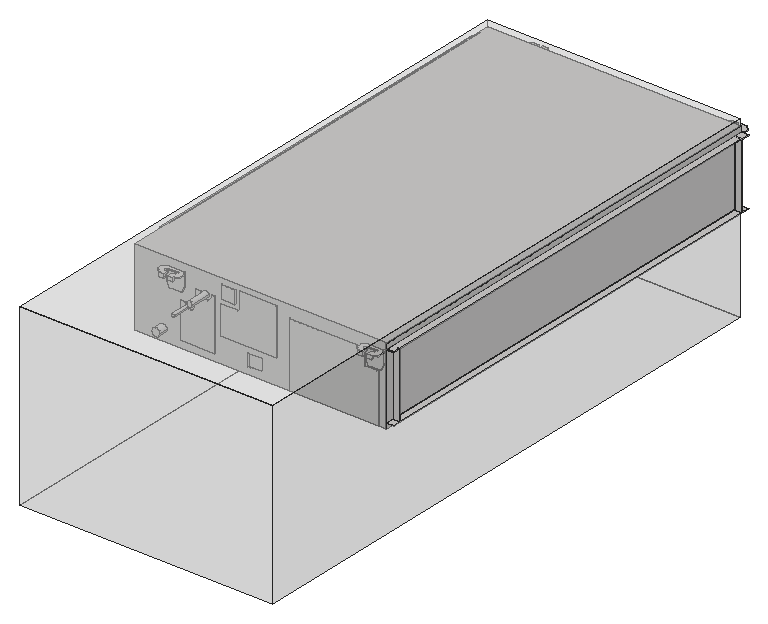
Revit family "outputfile", category 機械設備, Revit 2024
Family settings
  丸型コネクタ寸法 = 半径を使用
  パーツ タイプ = 標準
  OmniClass 番号 = 23.75.10.24.21.27.27
  OmniClass タイトル = Split System Air Conditioning Units
  作業面ベース = いいえ
  常に垂直 = はい
  ロード時にボイドで切り取り = いいえ
  注釈の向きを維持 = いいえ
  共有 = いいえ
  部屋計算ポイント = はい
Parameters (values of type "FBFC125DVM9")
  Description = ""
  製造元 = "Daikin"
  書き出し IFC クラス(タイプ) = "IfcUnitaryEquipmentType"
  定義済み IFC タイプ(タイプ) = "AIRCONDITIONINGUNIT"
  Cost = 0
  モデル = "FBFC125DVM9"
  Type Comments = ""
  Keynote = ""
  Type Image = (empty or 0)
  Assembly Code = ""
  switch_frequency = yes
  r_Liquid Pipe Size = Liquid Pipe Size / 2  # 4.75 mm
  r_Gas Pipe Size = Gas Pipe Size / 2  # 7.95 mm
  r_Drain Pipe Size = Drain Pipe Size / 2  # 12.5 mm
  lw_power = 770.0 mm  # constant formula
  lh_SA = 138.0 mm  # constant formula
  lw_SA = if(Depth = 550.0 mm, 225.0 mm, if(Depth = 700.0 mm, 300.0 mm, if(Depth = 1000.0 mm, 450.0 mm, if(Depth = 1400.0 mm, 650.0 mm, 725.0 mm))))  # 650.0 mm
  lw_RA = if(Depth = 550.0 mm, 275.0 mm, if(Depth = 700.0 mm, 349.0 mm, if(Depth = 1000.0 mm, 499.0 mm, if(Depth = 1400.0 mm, 699.0 mm, 775.0 mm))))  # 699.0 mm
  lh_power = 60.0 mm + [h***]  # 60.0 mm
  lh_mountinghole1 = lh_mountinghole + [h***]  # 222.0 mm
  lh_RA = 123.0 mm  # constant formula
  ld_power = Depth / 2  # 700.0 mm
  connector_voltage = Voltage_50Hz  # 230 V
  connector_powerinput = [Power Input (Cooling)]  # 0.000 kW
  connector_phase = Phase_50Hz  # 1
  Voltage_comment_50Hz = "220 - 240"
  Voltage_50Hz = 230 V
  URL = ""
  Supply Air Direction [instance] = yes
  Sound Power Level_H speed (dB) = 0
  Phase_50Hz = 1
  Minimum External Static Pressure = 50.00 Pa
  Minimum Circuit Amps_50Hz = 0.0 A
  Maximum Fuse Amps_50Hz = 0.0 A
  Maximum External Static Pressure = 150.00 Pa
  Material_Casing = DAIKIN_GalvanizedSteel_Casing_indoorunit
  lw_mountinghole = 630.0 mm  # constant formula
  lh_gaspipe = 183.0 mm + [h***]  # 183.0 mm
  lh_mountinghole = 222.0 mm  # constant formula
  lh_liquidpipe = 136.0 mm + [h***]  # 136.0 mm
  lh_drainpipe = 38.0 mm + [h***]  # 38.0 mm
  lh_antena = Height - lh_mountinghole + 1.0 mm  # 24.0 mm
  ld_drainpipe = Depth / 2 + 26.0 mm  # 726.0 mm
  ld_liquidpipe = Depth / 2 + 69.0 mm  # 769.0 mm
  ld_gaspipe = Depth / 2 + 65.0 mm  # 765.0 mm
  ld_mountinghole = Depth + 38.0 mm  # 1438.0 mm
  h*** = 0.0 mm  # constant formula
  lw_liquidpipe = 179.0 mm  # constant formula
  lw_gaspipe = 229.0 mm  # constant formula
  lw_drainpipe = 91.0 mm  # constant formula
  Width = 800.0 mm
  Version = "ver.1.0"
  Unit Type = "M.S.P. Duct"
  Unit Mass Weight = 46.00 kg
  Unit Designation [instance] = ""
  Uniclass2015Version = "Products v1.30"
  Uniclass2015Title = "Split coil room air conditioning units"
  Uniclass2015Code = "Pr_70_65_03_86"
  Total Cooling Capacity [instance] = 0.000 kW
  Sound Pressure Level_M speed (dBA) = 37.5
  Sound Pressure Level_L speed (dBA) = 35
  Sound Pressure Level_H speed (dBA) = 40
  Series = "SkyAir_Fan Coil Unit"
  Sensible Cooling Capacity [instance] = 0.000 kW
  SA Duct Size Width = 1192.0 mm
  SA Duct Size Height = 176.0 mm
  Refrigerant Type = "R32"
  RA Duct Size Width = 1352.0 mm
  RA Duct Size Height = 208.0 mm
  Power Input (Cooling) = 0.000 kW
  Option Accessory 3 [instance] = ""
  Option Accessory 2 [instance] = ""
  Option Accessory 1 [instance] = ""
  Nominal Cooling Capacity = 12.500 kW
  Minimum Airflow = 1500.00 m³/h
  Median Airflow = 1830.00 m³/h
  Maximum Airflow = 2160.00 m³/h
  Load Classification = HVAC
  Liquid Pipe Size = 9.5 mm
  Link_Nested Family [instance] = ""
  IfcVersion = ""
  IfcExportType = "AIRCONDITIONINGUNIT"
  IfcExportAs = "IfcUnitaryEquipmentType"
  Height = 245.0 mm
  Heat Exchanger Type = "Cross Fin Coil"
  Gas Pipe Size = 15.9 mm
  Frequency_50Hz = 50 Hz
  Fan Type = "Sirocco Fan"
  Fan Drive = "Direct Drive"
  FCU Tag No. [instance] = ""
  Drain Pipe Size = 25.0 mm
  Design Supply Airflow [instance] = 0.00 m³/h
  Design Return Airflow [instance] = 0.00 m³/h
  Design External Static Pressure [instance] = 0.00 Pa
  Depth = 1400.0 mm
  既定の高さ = 0.0 mm
  Cooling Entering Wet Bulb Temperature [instance] = 0.00 °C
  Cooling Entering Dry Bulb Temperature [instance] = 0.00 °C
  Cooling Ambient Wet Bulb Temperature [instance] = 0.00 °C
  Cooling Ambient Dry Bulb Temperature [instance] = 0.00 °C
  Clearance visibility [instance] = yes
  Clearance Top = 20.0 mm
  Clearance Right = 0.0 mm
  Clearance Rear = 0.0 mm
  Clearance Left = 0.0 mm
  Clearance Front = 450.0 mm
  Clearance Bottom = 300.0 mm
Reference planes
  plane 1 "Center (Front/Back)": y = 0
  plane 2 "h": z = 0
  plane 3 "Center (Left/Right)": x = 0
  plane 4 "Back": y = 700
  plane 5 "Front": y = -700
  plane 6 "Left": x = -400
  plane 7 "Right": x = 400
  plane 8 "Top": z = 0
  plane 9 "Bottom": z = -245
  plane 10: y = -215
  plane 11: y = 700
  plane 12: y = -1150
  plane 13: x = -400
  plane 14: x = 400
  plane 15: z = 20
  plane 16: z = -545
  plane 17: x = -400
  plane 18: x = -399
  plane 19: x = 399
  plane 20: y = 50
  plane 21: y = -1
  plane 22: z = -122
  plane 23: y = -701
  plane 24: z = -109
  plane 25: x = -221
  plane 26: y = -765
  plane 27: z = -62
  plane 28: x = -171
  plane 29: y = -726
  plane 30: z = -207
  plane 31: x = -309
  plane 32: x = -309
  plane 33: x = -221
  plane 34: x = -171
  plane 35: x = 370
  plane 36: x = -266
  plane 37: x = 364
  plane 38: y = -719
  plane 39: y = 719
  plane 40: z = -23
  plane 41: z = -107
  plane 42: y = -769
  plane 43: y = -376
  plane 44: x = -251
  plane 45: x = -203
  plane 46: x = -144
  plane 47: z = -59
  plane 48: z = -106
  plane 49: z = -221
  plane 50: z = -109
  plane 51: x = -221
  plane 52: z = -62
  plane 53: x = -171
  plane 54: z = -17
  plane 55: z = -59
  plane 56: x = -121
  plane 57: x = -79
  plane 58: x = -125
  plane 59: x = -64
  plane 60: x = 53
  plane 61: z = -164
  plane 62: z = -73
  plane 63: z = -16
  plane 64: x = 93.5
  plane 65: x = 374.5
  plane 66: x = 330
  plane 67: z = -88.5
  plane 68: z = -38
  plane 69: z = -242.5
  plane 70: x = -38.5
  plane 71: x = 6.5
  plane 72: z = -181
  plane 73: z = -221
  plane 74: y = -699
  plane 75: x = -424
  plane 76: x = 424
Forms (mm)
  Extrusion 1, solid, material "DAIKIN_GalvanizedSteel_Casing_indoorunit" <- "Material_Casing"
    sketch origin (0, 0, 0) x (1, 0, 0) y (0, 1, 0)
      loop
        line (-399, 700) -> (-399, -700) -> (399, -700) -> (399, 700) -> (-399, 700)
    from -245 to 0
  Extrusion 2, solid, material "DAIKIN_GalvanizedSteel_Casing_indoorunit" <- "Material_Casing"
    sketch origin (0, 0, 0) x (1, 0, 0) y (0, 0, 1)
      loop
        line (-251, -221) -> (-144, -221) -> (-144, -59) -> (-154.47, -59)
        arc (-154.47, -59) -> (-171, -78.8) -> (-187.53, -59) r 16.8
        line (-187.53, -59) -> (-203, -59) -> (-203, -106) -> (-206.916, -106)
        arc (-206.916, -106) -> (-221, -123.4) -> (-235.084, -106) r 14.4
        line (-235.084, -106) -> (-251, -106) -> (-251, -221)
    from 700 to 701
  Extrusion 3, solid, material "DAIKIN_GalvanizedSteel_Casing_indoorunit" <- "Material_Casing"
    sketch origin (0, 0, 0) x (1, 0, 0) y (0, 0, 1)
      loop
        line (-121, -17) -> (-121, -59) -> (-79, -59) -> (-79, -17) -> (-121, -17)
      loop
        line (-125, -73) -> (-125, -164) -> (53, -164) -> (53, -16) -> (-64, -16) -> (-64, -73) -> (-125, -73)
    from 700 to 701
  Extrusion 4, solid, material "DAIKIN_GalvanizedSteel_Casing_indoorunit" <- "Material_Casing"
    sketch origin (0, 0, 0) x (1, 0, 0) y (0, 0, 1)
      loop
        line (93.5, -38) -> (93.5, -242.5) -> (374.5, -242.5) -> (374.5, -88.5) -> (330, -88.5) -> (330, -38) -> (93.5, -38)
    from 700 to 701
  Extrusion 5, solid, material "DAIKIN_GalvanizedSteel_Casing_indoorunit" <- "Material_Casing"
    sketch origin (0, 0, 0) x (1, 0, 0) y (0, 0, 1)
      loop
        circle (-221, -109) r 4.75
    from 700 to 769
  Extrusion 6, solid, material "DAIKIN_GalvanizedSteel_Casing_indoorunit" <- "Material_Casing"
    sketch origin (0, 0, 0) x (1, 0, 0) y (0, 0, 1)
      loop
        circle (-171, -62) r 7.95
    from 700 to 765
  Extrusion 7, solid, material "DAIKIN_GalvanizedSteel_Casing_indoorunit" <- "Material_Casing"
    sketch origin (0, 0, 0) x (1, 0, 0) y (0, 0, 1)
      loop
        circle (-309, -207) r 12.5
    from 700 to 726
  Extrusion 8, void
    sketch origin (0, 0, 0) x (1, 0, 0) y (0, 0, 1)
      loop
        line (-38.5, -181) -> (-38.5, -221) -> (6.5, -221) -> (6.5, -181) -> (-38.5, -181)
    from 699 to 700
Cuts and joins
  Extrusion 8 cuts Extrusion 1
Dimensions and locks
  "Height": plane 8 "Top" to plane 9 "Bottom"
  equal spacing: plane 4 "Back", plane 1 "Center (Front/Back)", plane 5 "Front"
  "Depth": plane 4 "Back" to plane 5 "Front"
  equal spacing: plane 6 "Left", plane 3 "Center (Left/Right)", plane 7 "Right"
  "Width": plane 6 "Left" to plane 7 "Right"
  "Clearance Left": plane 13 to plane 6 "Left"
  "Clearance Right": plane 7 "Right" to plane 14
  "Clearance Rear": plane 11 to plane 4 "Back"
  "Clearance Front": plane 5 "Front" to plane 12
  "Clearance Top": plane 15 to plane 8 "Top"
  "Clearance Bottom": plane 9 "Bottom" to plane 16
  locked: plane 17 to plane 18 at 1
  locked: plane 19 to plane 14 at 1
  "lw_SA": plane 11 to plane 20
  "lw_RA": plane 21 to plane 5 "Front"
  "lh_RA": plane 22 to plane 9 "Bottom"
  locked: plane 5 "Front" to plane 23 at 1
  "lw_liquidpipe": plane 25 to plane 6 "Left"
  "lh_liquidpipe": plane 24 to plane 9 "Bottom"
  "lh_gaspipe": plane 27 to plane 9 "Bottom"
  "lw_gaspipe": plane 28 to plane 6 "Left"
  "ld_gaspipe": plane 26 to plane 1 "Center (Front/Back)"
  "ld_drainpipe": plane 29 to plane 1 "Center (Front/Back)"
  "lh_drainpipe": plane 30 to plane 9 "Bottom"
  "lw_drainpipe": plane 31 to plane 6 "Left"
  "lw_drainpipe": plane 6 "Left" to plane 32
  "lw_liquidpipe": plane 6 "Left" to plane 33
  "lw_gaspipe": plane 6 "Left" to plane 34
  "lw_power": plane 6 "Left" to plane 35
  locked: plane 17 to plane 36 at 134
  "lw_mountinghole": plane 36 to plane 37
  equal spacing: plane 38, plane 1 "Center (Front/Back)", plane 39
  "ld_mountinghole": plane 39 to plane 38
  "lh_mountinghole": plane 40 to plane 9 "Bottom"
  "lh_SA": plane 41 to plane 9 "Bottom"
  plane 46 to plane 45 to plane 44 to plane 6 "Left" = 59.0 mm, 48.0 mm, 149.0 mm
  plane 8 "Top" to plane 47 to plane 48 to plane 49 = 59.0 mm locked, 47.0 mm locked, 115.0 mm locked
  plane 53 to plane 51 to plane 6 "Left" = 50.0 mm locked, 179.0 mm locked
  plane 52 to plane 50 to plane 9 "Bottom" = 47.0 mm locked, 136.0 mm locked
  plane 57 to plane 56 to plane 6 "Left" = 42.0 mm locked, 279.0 mm locked
  plane 8 "Top" to plane 54 to plane 55 = 17.0 mm locked, 42.0 mm locked
  plane 60 to plane 59 to plane 58 to plane 6 "Left" = 117.0 mm, 61.0 mm, 275.0 mm
  plane 8 "Top" to plane 63 to plane 62 = 16.0 mm locked, 57.0 mm locked
  locked: plane 63 to plane 61 at 148
  plane 8 "Top" to plane 68 to plane 67 to plane 69 = 38.0 mm locked, 50.5 mm locked, 154.0 mm locked
  plane 65 to plane 66 to plane 64 to plane 6 "Left" = 44.5 mm locked, 236.5 mm locked, 493.5 mm locked
  plane 8 "Top" to plane 72 to plane 73 = 181.0 mm locked, 40.0 mm locked
  plane 71 to plane 70 to plane 6 "Left" = 45.0 mm, 361.5 mm
  locked: plane 74 to plane 5 "Front" at 1
  locked: plane 75 to plane 17 at 24
  locked: plane 14 to plane 76 at 24
  "ld_liquidpipe": plane 42 to plane 1 "Center (Front/Back)"
  "r_Liquid Pipe Size": radius of Extrusion 5 sketch curve
  "r_Gas Pipe Size": radius of Extrusion 6 sketch curve
  "r_Drain Pipe Size": radius of Extrusion 7 sketch curve
  aligned and locked: level to plane 2 "h"
  aligned and locked: plane 8 "Top" to Extrusion 1
  aligned and locked: Extrusion 1 to plane 9 "Bottom"
  aligned and locked: nested 5 to plane 12
  aligned and locked: plane 13 to nested 5
  aligned and locked: plane 14 to nested 5
  aligned and locked: nested 5 to plane 13
  aligned and locked: plane 11 to nested 5
  aligned and locked: plane 15 to nested 5
  aligned and locked: plane 16 to nested 5
  aligned and locked: plane 5 "Front" to Extrusion 1 sketch curve
  aligned and locked: Extrusion 1 to plane 18
  aligned and locked: plane 19 to Extrusion 1
  aligned and locked: nested 7 to plane 18
  aligned and locked: nested 7 to plane 20
  aligned and locked: plane 19 to nested 8
  aligned and locked: plane 21 to nested 8
  aligned and locked: plane 22 to nested 8
  aligned and locked: Extrusion 2 to plane 23
  aligned and locked: plane 5 "Front" to Extrusion 2
  aligned and locked: Extrusion 3 to plane 23
  aligned and locked: plane 5 "Front" to Extrusion 3
  aligned and locked: plane 5 "Front" to Extrusion 4
  aligned and locked: Extrusion 5 sketch curve to plane 25
  aligned and locked: plane 24 to Extrusion 5 sketch curve
  aligned and locked: plane 5 "Front" to Extrusion 5
  aligned and locked: Extrusion 6 sketch curve to plane 28
  aligned and locked: plane 27 to Extrusion 6 sketch curve
  aligned and locked: plane 5 "Front" to Extrusion 6
  aligned and locked: Extrusion 7 sketch curve to plane 31
  aligned and locked: plane 30 to Extrusion 7 sketch curve
  aligned and locked: Extrusion 7 to plane 29
  aligned and locked: nested 3 to plane 29
  aligned and locked: nested 3 to plane 32
  aligned and locked: nested 2 to plane 33
  aligned and locked: nested 1 to plane 34
  aligned and locked: Extrusion 6 to plane 26
  aligned and locked: nested 1 to plane 26
  aligned and locked: nested 6 to plane 5 "Front"
  aligned and locked: nested 6 to plane 35
  aligned and locked: plane 36 to nested 10
  aligned and locked: nested 10 to plane 5 "Front"
  aligned and locked: plane 37 to nested 9
  aligned and locked: nested 9 to plane 5 "Front"
  aligned and locked: nested 11 to plane 36
  aligned and locked: plane 4 "Back" to nested 11
  aligned and locked: nested 12 to plane 37
  aligned and locked: plane 4 "Back" to nested 12
  aligned and locked: plane 40 to nested 10
  aligned and locked: plane 40 to nested 11
  aligned and locked: plane 40 to nested 9
  aligned and locked: plane 40 to nested 12
  aligned and locked: plane 36 to nested 14
  aligned and locked: nested 14 to plane 39
  aligned and locked: plane 37 to nested 13
  aligned and locked: nested 13 to plane 39
  aligned and locked: plane 37 to nested 16
  aligned and locked: plane 38 to nested 16
  aligned and locked: plane 38 to nested 15
  aligned and locked: plane 36 to nested 15
  aligned and locked: plane 17 to plane 6 "Left"
  aligned and locked: plane 41 to nested 7
  aligned and locked: Extrusion 5 to plane 42
  aligned and locked: nested 2 to plane 42
  aligned and locked: Extrusion 3 sketch curve to plane 54
  aligned and locked: Extrusion 3 sketch curve to plane 56
  aligned and locked: plane 55 to Extrusion 3 sketch curve
  aligned and locked: plane 57 to Extrusion 3 sketch curve
  aligned and locked: Extrusion 4 to plane 23
  aligned and locked: Extrusion 8 sketch curve to plane 72
  aligned and locked: plane 73 to Extrusion 8 sketch curve
  aligned and locked: plane 71 to Extrusion 8 sketch curve
  aligned and locked: plane 5 "Front" to Extrusion 8
  aligned and locked: plane 74 to Extrusion 8
  aligned and locked: nested 17 to plane 20
  aligned and locked: nested 17 to plane 75
  aligned and locked: plane 21 to nested 18
  aligned and locked: plane 76 to nested 18
  aligned and locked: plane 41 to nested 17
  aligned and locked: nested 18 to plane 22
  aligned and locked: nested 4 to plane 3 "Center (Left/Right)"
  aligned and locked: plane 1 "Center (Front/Back)" to nested 4
  aligned and locked: level to plane 8 "Top"
  aligned and locked: plane 5 "Front" to Extrusion 7
Automatic sketch dimensions
  plane 6 "Left" to Extrusion 1 sketch curve = 1.0 mm
  Extrusion 1 sketch curve to plane 7 "Right" = 1.0 mm
  Extrusion 1 sketch curve to plane 4 "Back" = 0.0 mm
  Extrusion 2 sketch curve to plane 44 = 0.0 mm
  Extrusion 2 sketch curve to plane 33 = 0.0 mm
  Extrusion 2 sketch curve to plane 45 = 0.0 mm
  Extrusion 2 sketch curve to plane 34 = 0.0 mm
  Extrusion 2 sketch curve to plane 46 = 0.0 mm
  Extrusion 2 sketch curve to plane 49 = 0.0 mm
  Extrusion 2 sketch curve to plane 50 = 0.0 mm
  Extrusion 2 sketch curve to plane 48 = 0.0 mm  (x3)
  Extrusion 2 sketch curve to plane 52 = 0.0 mm
  Extrusion 2 sketch curve to plane 47 = 0.0 mm  (x3)
  plane 33 to Extrusion 2 sketch curve = 14.084 mm
  plane 34 to Extrusion 2 sketch curve = 16.53 mm
  Extrusion 3 sketch curve to plane 58 = 0.0 mm
  Extrusion 3 sketch curve to plane 59 = 0.0 mm
  Extrusion 3 sketch curve to plane 60 = 0.0 mm
  Extrusion 3 sketch curve to plane 61 = 0.0 mm
  Extrusion 3 sketch curve to plane 62 = 0.0 mm
  Extrusion 3 sketch curve to plane 63 = 0.0 mm
  Extrusion 4 sketch curve to plane 64 = 0.0 mm
  Extrusion 4 sketch curve to plane 66 = 0.0 mm
  Extrusion 4 sketch curve to plane 65 = 0.0 mm
  Extrusion 4 sketch curve to plane 69 = 0.0 mm
  Extrusion 4 sketch curve to plane 67 = 0.0 mm
  Extrusion 4 sketch curve to plane 68 = 0.0 mm
  Extrusion 8 sketch curve to plane 70 = 0.0 mm
Nested families
  nested 1: "daikin_connector_rotate2" at (-171, 0, -62), length <- "ld_gaspipe", built-in parameter 1001364 <- "lh_gaspipe", radius <- "r_Gas Pipe Size", type "daikin_connector_rotate2"
    with radius 7.95 mm, length 765.0 mm, angle_vertical 90.00°
  nested 2: "daikin_connector_rotate2" at (-221, 0, -109), length <- "ld_liquidpipe", built-in parameter 1001364 <- "lh_liquidpipe", radius <- "r_Liquid Pipe Size", type "daikin_connector_rotate2"
    with radius 4.75 mm, length 769.0 mm, angle_vertical 90.00°
  nested 3: "daikin_connector_rotate2" at (-309, 0, -207), length <- "ld_drainpipe", built-in parameter 1001364 <- "lh_drainpipe", radius <- "r_Drain Pipe Size", type "daikin_connector_rotate2"
    with radius 12.5 mm, length 726.0 mm, angle_vertical 90.00°
  nested 4: "daikin_△_symbolicline" at (0, 0, 245) x (0, -1, 0) z (0, 0, 1), built-in parameter 1001364 <- "Height", visible <- "Supply Air Direction", type "daikin_△_symbolicline"
    with length 200.0 mm
  nested 5: "daikin_clearancespace" at (0, -225, -262.381), visible <- "Clearance visibility", show <- "Clearance visibility", Link_Nested Family <- "Link_Nested Family", type "daikin_clearancespace"
    with width 800.0 mm, show yes, height 565.0 mm, depth 1850.0 mm, Link_Nested Family ""
  nested 6: "daikin_connector_rotate2" at (370, 0, -185), built-in parameter 1001364 <- "lh_power", length <- "ld_power", type "daikin_connector_rotate2"
    with radius 10.0 mm, length 700.0 mm, angle_vertical 90.00°
  nested 7: "daikin_ductflange_FBFC-DVM92" at (-399, 50, -107) x (0, -1, 0) z (0, 0, 1), type "daikin_ductflange_FBFC-DVM92"
  nested 8: "daikin_ductflange_FBFC-DVM9" at (399, -1, -122) x (0, 1, 0) z (0, 0, 1), type "daikin_ductflange_FBFC-DVM9"
    with width 1352.0 mm, lw 25.0 mm, w 1400.0 mm
  nested 9: "daikin_hangerfixture_FBFC-DVM9" at (364, -700, -23), type "daikin_hangerfixture_FBFC-DVM9"
  nested 10: "daikin_hangerfixture_FBFC-DVM9" at (-266, -700, -23), type "daikin_hangerfixture_FBFC-DVM9"
  nested 11: "daikin_hangerfixture_FBFC-DVM9" at (-266, 700, -23) x (-1, 0, 0) z (0, 0, 1), type "daikin_hangerfixture_FBFC-DVM9"
  nested 12: "daikin_hangerfixture_FBFC-DVM9" at (364, 700, -23) x (-1, 0, 0) z (0, 0, 1), type "daikin_hangerfixture_FBFC-DVM9"
  nested 13: "daikin_mountinghole" at (364, 719, -245), h_mountinghole <- "lh_mountinghole1", l_antenna <- "lh_antena", Link_Nested Family <- "Link_Nested Family", type "daikin_mountinghole"
    with show yes, l_antenna 24.0 mm, h_mountinghole 222.0 mm, Link_Nested Family ""
  nested 14: "daikin_mountinghole" at (-266, 719, -245), h_mountinghole <- "lh_mountinghole1", l_antenna <- "lh_antena", Link_Nested Family <- "Link_Nested Family", type "daikin_mountinghole"
    with show yes, l_antenna 24.0 mm, h_mountinghole 222.0 mm, Link_Nested Family ""
  nested 15: "daikin_mountinghole" at (-266, -719, -245), h_mountinghole <- "lh_mountinghole1", l_antenna <- "lh_antena", Link_Nested Family <- "Link_Nested Family", type "daikin_mountinghole"
    with show yes, l_antenna 24.0 mm, h_mountinghole 222.0 mm, Link_Nested Family ""
  nested 16: "daikin_mountinghole" at (364, -719, -245), h_mountinghole <- "lh_mountinghole1", l_antenna <- "lh_antena", Link_Nested Family <- "Link_Nested Family", type "daikin_mountinghole"
    with show yes, l_antenna 24.0 mm, h_mountinghole 222.0 mm, Link_Nested Family ""
  nested 17: "daikin_connector_rotate2" at (-400, 50, -107) x (0, -1, 0) z (0, 0, 1), type "daikin_connector_rotate2"
    with radius 10.0 mm, length 24.0 mm, angle_vertical 90.00°
  nested 18: "daikin_connector_rotate2" at (400, -1, -122) x (0, 1, 0) z (0, 0, 1), type "daikin_connector_rotate2"
    with radius 10.0 mm, length 24.0 mm, angle_vertical 90.00°
Connectors
  piping at (-309, -726, -207), diameter 25, driven by "r_Drain Pipe Size"
    settings: on nested 3, index 3, connector inside diameter 609.6 mm, connector length 0.0 mm, flow factor 0, pipe flow 0.00 m³/h, pressure drop 0.0 Pa, fitting loss kfactor 0, connector angle 0.00°, fixture units 0, engagement length 0.0 mm, angle of deflection 0.00°, flow configuration 1, flow direction 2, fitting loss method 4, system type 16, joint type 0, gender type 0, connector reference index -1, connector utility 0, adjustable connector no, is connector primary yes, connector description "Condensate Drain Piping"
  piping at (-171, -765, -62), diameter 15.9, driven by "r_Gas Pipe Size"
    settings: on nested 1, index 4, connector inside diameter 609.6 mm, connector length 0.0 mm, flow factor 0, pipe flow 0.00 m³/h, pressure drop 0.0 Pa, fitting loss kfactor 0, connector angle 0.00°, fixture units 0, engagement length 0.0 mm, angle of deflection 0.00°, flow configuration 1, flow direction 2, fitting loss method 0, system type 29, joint type 0, gender type 0, connector reference index -1, connector utility 0, adjustable connector no, is connector primary no, connector description "Refrigerant Gas Piping"
  piping at (-221, -769, -109), diameter 9.5, driven by "r_Liquid Pipe Size"
    settings: on nested 2, index 5, connector inside diameter 609.6 mm, connector length 0.0 mm, flow factor 0, pipe flow 0.00 m³/h, pressure drop 0.0 Pa, fitting loss kfactor 0, connector angle 0.00°, fixture units 0, engagement length 0.0 mm, angle of deflection 0.00°, flow configuration 1, flow direction 1, fitting loss method 0, system type 29, joint type 0, gender type 0, connector reference index -1, connector utility 0, adjustable connector no, is connector primary no, connector description "Refrigerant Liquid Piping"
  electrical at (370, -700, -185), driven by "Load Classification", driven by "connector_phase", driven by "connector_powerinput", driven by "connector_voltage"
    settings: on nested 6, index 6, voltage 230 V, apparent load 0 VA, apparent load phase1 0 VA, apparent load phase2 0 VA, apparent load phase3 0 VA, power factor 1, load classification "HVAC", number of poles 1, system type 30, power factor state 1, is connector primary yes, connector utility no, sub classification motor no, connector description "Power Supply"
  hvac at (-424, 50, -107), driven by "SA Duct Size Height", driven by "SA Duct Size Width"
    settings: on nested 17, index 7, duct flow 0.00 m³/h, flow factor 0, pres drop 0.00 Pa, loss coef 0, conn angle 0.00°, conn width 1192.0 mm, conn height 176.0 mm, conn diameter 609.6 mm, duct sys type 1, conn prof type 1, flow config 0, flow direction 2, loss method 4, conn ref index -1, conn util no, is conn primary yes, conn desc "SA Duct"
  hvac at (424, -1, -122), driven by "RA Duct Size Height", driven by "RA Duct Size Width"
    settings: on nested 18, index 8, duct flow 0.00 m³/h, flow factor 0, pres drop 0.00 Pa, loss coef 0, conn angle 0.00°, conn width 1352.0 mm, conn height 208.0 mm, conn diameter 609.6 mm, duct sys type 2, conn prof type 1, flow config 0, flow direction 1, loss method 4, conn ref index -1, conn util no, is conn primary no, conn desc "RA Duct"
Definition of nested family "daikin_clearancespace"
  Parameters (values of type "daikin_clearancespace")
    Description = "daikin_clearancespace"
    width [instance] = 1823.963 mm
    show [instance] = yes
    material = none
    height [instance] = 1359.762 mm
    depth [instance] = 880.0 mm
    Default Elevation = 0.0 mm
    Link_Nested Family [instance] = ""
  Reference planes
    plane 1 "Center (Front/Back)": y = 0
    plane 2 "Center (Elevation)": z = -0.119
    plane 3 "Center (Left/Right)": x = 0
    plane 4: y = 440
    plane 5: y = -440
    plane 6 "Right": x = 911.982
    plane 7 "Left": x = -911.982
    plane 8 "Top": z = 679.762
    plane 9 "Bottom": z = -680
  Forms (mm)
    Extrusion 1, solid, material <- "material", visible <- "show"
      sketch origin (0, 0, 0) x (1, 0, 0) y (0, 1, 0)
        loop
          line (-911.982, 440) -> (-911.982, -440) -> (911.982, -440) -> (911.982, 440) -> (-911.982, 440)
      from -680 to 679.762
  Lines and regions (mm)
    symbolic lines, visible <- "show"
      curve 1: line (911.982, 440, 0) -> (-911.982, 440, 0)
      curve 2: line (-911.982, 440, 0) -> (-911.982, -440, 0)
      curve 3: line (-911.982, -440, 0) -> (911.982, -440, 0)
      curve 4: line (911.982, -440, 0) -> (911.982, 440, 0)
      curve 5: line (911.982, 0, 679.762) -> (-911.982, 0, 679.762)
      curve 6: line (911.982, 0, -680) -> (911.982, 0, 679.762)
      curve 7: line (-911.982, 0, -680) -> (911.982, 0, -680)
      curve 8: line (-911.982, 0, 679.762) -> (-911.982, 0, -680)
      curve 9: line (0, 440, 679.762) -> (0, -440, 679.762)
      curve 10: line (0, -440, 679.762) -> (0, -440, -680)
      curve 11: line (0, 440, -680) -> (0, 440, 679.762)
      curve 12: line (0, -440, -680) -> (0, 440, -680)
  Dimensions and locks
    "width": plane 7 "Left" to plane 6 "Right"
    "depth": plane 4 to plane 5
    "height": plane 8 "Top" to plane 9 "Bottom"
    equal spacing: plane 7 "Left", plane 3 "Center (Left/Right)", plane 6 "Right"
    equal spacing: plane 4, plane 1 "Center (Front/Back)", plane 5
    equal spacing: plane 8 "Top", plane 2 "Center (Elevation)", plane 9 "Bottom"
    aligned and locked: level to plane 2 "Center (Elevation)"
    aligned and locked: Extrusion 1 sketch curve to plane 4
    aligned and locked: plane 7 "Left" to Extrusion 1 sketch curve
    aligned and locked: Extrusion 1 sketch curve to plane 5
    aligned and locked: Extrusion 1 sketch curve to plane 6 "Right"
    aligned and locked: plane 8 "Top" to Extrusion 1
    aligned and locked: curve 1 to Extrusion 1
    aligned and locked: curve 2 to Extrusion 1
    aligned and locked: curve 3 to Extrusion 1
    aligned and locked: curve 4 to Extrusion 1
    aligned and locked: curve 5 to Extrusion 1
    aligned and locked: curve 6 to Extrusion 1
    aligned and locked: curve 7 to Extrusion 1
    aligned and locked: curve 8 to Extrusion 1
    aligned and locked: curve 9 to Extrusion 1
    aligned and locked: curve 10 to Extrusion 1
    aligned and locked: curve 11 to Extrusion 1
    aligned and locked: curve 12 to Extrusion 1
    aligned and locked: Extrusion 1 to plane 9 "Bottom"
Definition of nested family "daikin_ductflange_FBFC-DVM92"
  Parameters (values of type "daikin_ductflange_FBFC-DVMG2")
    width = if(w = 550.0 mm, 337.0 mm, if(w = 700.0 mm, 492.0 mm, if(w = 1000.0 mm, 792.0 mm, if(w = 1400.0 mm, 1192.0 mm, 1337.0 mm))))  # 1192.0 mm
    material = none
    height = 215.0 mm
    depth = 1.0 mm
    w = 1400.0 mm
    Default Elevation = 0.0 mm
  Reference planes
    plane 1 "Center (Front/Back)": y = 0
    plane 2: z = 0
    plane 3 "Center (Left/Right)": x = 0
    plane 4: z = 88
    plane 5: z = -88
    plane 6: y = -25
    plane 7: z = 106
    plane 8: z = 89
    plane 9: y = -1
    plane 10: x = -617.5
    plane 11: x = 617.5
    plane 12: z = -106
    plane 13: z = -89
    plane 14: y = -1
    plane 15: x = 596
    plane 16: x = -596
    plane 17: x = 597
    plane 18: z = 87
    plane 19: z = -87
    plane 20: x = -597
    plane 21: z = 87
    plane 22: z = -87
    plane 23: y = -1
  Forms (mm)
    Extrusion 1, solid, material <- "material"
      sketch origin (0, 0, 0) x (0, 1, 0) y (0, 0, 1)
        loop
          line (-25, 88) -> (0, 88) -> (0, 106) -> (-1, 106) -> (-1, 89) -> (-25, 89) -> (-25, 88)
      from -617.5 to 617.5
    Extrusion 2, solid, material <- "material"
      sketch origin (0, 0, 0) x (0, 1, 0) y (0, 0, 1)
        loop
          line (-25, -88) -> (-25, -89) -> (-1, -89) -> (-1, -106) -> (0, -106) -> (0, -88) -> (-25, -88)
      from -617.5 to 617.5
    Extrusion 3, solid, material <- "material"
      sketch origin (0, 0, 0) x (1, 0, 0) y (0, 0, 1)
        loop
          line (596, 88) -> (596, -88) -> (617.5, -88) -> (617.5, -87) -> (597, -87) -> (597, 87) -> (617.5, 87) -> (617.5, 88) -> (596, 88)
      from 0 to 25
    Extrusion 4, solid, material <- "material"
      sketch origin (0, 0, 0) x (1, 0, 0) y (0, 0, 1)
        loop
          line (-617.5, 88) -> (-617.5, 87) -> (-597, 87) -> (-597, -87) -> (-617.5, -87) -> (-617.5, -88) -> (-596, -88) -> (-596, 88) -> (-617.5, 88)
      from 0 to 25
    Extrusion 5, solid, material <- "material"
      sketch origin (0, 0, 0) x (1, 0, 0) y (0, 0, 1)
        loop
          line (-617.5, 88) -> (-617.5, -88) -> (-596, -88) -> (-596, 88) -> (-617.5, 88)
        loop
          line (617.5, 88) -> (596, 88) -> (596, -88) -> (617.5, -88) -> (617.5, 88)
      from 0 to 1
  Cuts and joins
    joined: Extrusion 1, Extrusion 2, Extrusion 3, Extrusion 4, Extrusion 5
  Dimensions and locks
    plane 4 to level to plane 5 = 88.0 mm, 88.0 mm
    locked: plane 6 to plane 1 "Center (Front/Back)" at 25
    locked: plane 9 to plane 1 "Center (Front/Back)" at 1
    locked: plane 8 to plane 4 at 1
    locked: plane 16 to plane 10 at 21.5
    locked: plane 17 to plane 15 at 1
    locked: plane 4 to plane 18 at 1
    locked: plane 19 to plane 5 at 1
    "width": plane 15 to plane 16
    plane 4 to plane 5 = 176.0 mm
    locked: plane 16 to plane 20 at 1
    locked: plane 4 to plane 21 at 1
    locked: plane 22 to plane 5 at 1
    locked: plane 23 to plane 1 "Center (Front/Back)" at 1
    plane 4 to level to plane 5 = 88.0 mm locked, 88.0 mm locked
    locked: plane 5 to plane 13 at 1
    locked: plane 5 to plane 12 at 18
    locked: plane 7 to plane 4 at 18
    equal spacing: plane 15, plane 3 "Center (Left/Right)", plane 16
    locked: plane 11 to plane 15 at 21.5
    plane 11 to plane 10 = 1235.0 mm
    aligned and locked: level to plane 2
    aligned and locked: Extrusion 1 to plane 10
    aligned and locked: plane 11 to Extrusion 1
    aligned and locked: plane 5 to Extrusion 2
    aligned and locked: Extrusion 2 to plane 1 "Center (Front/Back)"
    aligned and locked: plane 15 to Extrusion 3 sketch curve
    aligned and locked: Extrusion 3 sketch curve to Extrusion 2  (x2)
    aligned and locked: Extrusion 3 sketch curve to plane 11
    aligned and locked: plane 6 to Extrusion 3
    aligned and locked: Extrusion 2 to plane 10
    aligned and locked: plane 11 to Extrusion 2
    aligned and locked: Extrusion 4 sketch curve to Extrusion 1  (x2)
    aligned and locked: plane 5 to Extrusion 4 sketch curve
    aligned and locked: Extrusion 4 sketch curve to plane 16
    aligned and locked: Extrusion 4 sketch curve to plane 22
    aligned and locked: plane 20 to Extrusion 4 sketch curve
    aligned and locked: plane 21 to Extrusion 4 sketch curve
    aligned and locked: Extrusion 4 to plane 1 "Center (Front/Back)"
    aligned and locked: plane 6 to Extrusion 4
    aligned and locked: Extrusion 5 sketch curve to Extrusion 1  (x4)
    aligned and locked: Extrusion 5 sketch curve to Extrusion 4  (x2)
    aligned and locked: Extrusion 5 sketch curve to Extrusion 3  (x2)
    aligned and locked: Extrusion 5 to plane 1 "Center (Front/Back)"
    aligned and locked: plane 23 to Extrusion 5
  Automatic sketch dimensions
    Extrusion 1 sketch curve to plane 6 = 0.0 mm
    Extrusion 1 sketch curve to plane 7 = 0.0 mm
    Extrusion 1 sketch curve to plane 9 = 0.0 mm
    Extrusion 1 sketch curve to plane 1 "Center (Front/Back)" = 0.0 mm
    Extrusion 1 sketch curve to plane 4 = 0.0 mm
    Extrusion 1 sketch curve to plane 8 = 0.0 mm
    Extrusion 2 sketch curve to plane 6 = 0.0 mm
    plane 12 to Extrusion 2 sketch curve = 0.0 mm
    Extrusion 2 sketch curve to plane 14 = 0.0 mm
    Extrusion 2 sketch curve to plane 1 "Center (Front/Back)" = 0.0 mm
    plane 13 to Extrusion 2 sketch curve = 0.0 mm
    Extrusion 2 sketch curve to plane 5 = 0.0 mm
    Extrusion 3 sketch curve to plane 17 = 0.0 mm
    Extrusion 3 sketch curve to plane 19 = 0.0 mm
    Extrusion 3 sketch curve to plane 18 = 0.0 mm
    Extrusion 3 sketch curve to plane 4 = 0.0 mm
    Extrusion 4 sketch curve to plane 10 = 0.0 mm
Definition of nested family "daikin_ductflange_FBFC-DVM9"
  Parameters (values of type "daikin_ductflange_FBFC-DVMG")
    width = if(w = 550.0 mm, 502.0 mm, if(w = 700.0 mm, 654.0 mm, if(w = 1000.0 mm, 952.0 mm, if(w = 1400.0 mm, 1352.0 mm, 1502.0 mm))))  # 654.0 mm
    material = none
    lw = if(width = 654.0 mm, 23.0 mm, 25.0 mm)  # 23.0 mm
    height = 208.0 mm
    depth = 1.0 mm
    w = 700.0 mm
    Default Elevation = 0.0 mm
  Reference planes
    plane 1 "Center (Front/Back)": y = 0
    plane 2: z = 0
    plane 3 "Center (Left/Right)": x = 0
    plane 4: z = 104
    plane 5: z = -104
    plane 6: y = -25
    plane 7: z = 121
    plane 8: z = 105
    plane 9: y = -1
    plane 10: x = -350
    plane 11: x = 350
    plane 12: z = -122
    plane 13: z = -105
    plane 14: y = -1
    plane 15: x = 327
    plane 16: x = -327
    plane 17: x = 328
    plane 18: z = 103
    plane 19: z = -103
    plane 20: x = -328
    plane 21: z = 103
    plane 22: z = -103
    plane 23: y = -1
  Forms (mm)
    Extrusion 1, solid, material <- "material"
      sketch origin (0, 0, 0) x (0, 1, 0) y (0, 0, 1)
        loop
          line (-25, 104) -> (0, 104) -> (0, 121) -> (-1, 121) -> (-1, 105) -> (-25, 105) -> (-25, 104)
      from -350 to 350
    Extrusion 2, solid, material <- "material"
      sketch origin (0, 0, 0) x (0, 1, 0) y (0, 0, 1)
        loop
          line (-25, -104) -> (-25, -105) -> (-1, -105) -> (-1, -122) -> (0, -122) -> (0, -104) -> (-25, -104)
      from -350 to 350
    Extrusion 3, solid, material <- "material"
      sketch origin (0, 0, 0) x (1, 0, 0) y (0, 0, 1)
        loop
          line (327, 104) -> (327, -104) -> (350, -104) -> (350, -103) -> (328, -103) -> (328, 103) -> (350, 103) -> (350, 104) -> (327, 104)
      from 0 to 25
    Extrusion 4, solid, material <- "material"
      sketch origin (0, 0, 0) x (1, 0, 0) y (0, 0, 1)
        loop
          line (-350, 104) -> (-350, 103) -> (-328, 103) -> (-328, -103) -> (-350, -103) -> (-350, -104) -> (-327, -104) -> (-327, 104) -> (-350, 104)
      from 0 to 25
    Extrusion 5, solid, material <- "material"
      sketch origin (0, 0, 0) x (1, 0, 0) y (0, 0, 1)
        loop
          line (-350, 104) -> (-350, -104) -> (-327, -104) -> (-327, 104) -> (-350, 104)
        loop
          line (350, 104) -> (327, 104) -> (327, -104) -> (350, -104) -> (350, 104)
      from 0 to 1
  Cuts and joins
    joined: Extrusion 1, Extrusion 2, Extrusion 3, Extrusion 4, Extrusion 5
  Dimensions and locks
    plane 4 to level to plane 5 = 104.0 mm, 104.0 mm
    locked: plane 6 to plane 1 "Center (Front/Back)" at 25
    locked: plane 9 to plane 1 "Center (Front/Back)" at 1
    locked: plane 8 to plane 4 at 1
    "lw": plane 11 to plane 15
    "lw": plane 16 to plane 10
    locked: plane 17 to plane 15 at 1
    locked: plane 4 to plane 18 at 1
    locked: plane 19 to plane 5 at 1
    "width": plane 15 to plane 16
    equal spacing: plane 15, plane 3 "Center (Left/Right)", plane 16
    locked: plane 16 to plane 20 at 1
    locked: plane 4 to plane 21 at 1
    locked: plane 22 to plane 5 at 1
    locked: plane 23 to plane 1 "Center (Front/Back)" at 1
    locked: plane 7 to plane 4 at 17
    locked: plane 1 "Center (Front/Back)" to plane 14 at 1
    locked: plane 5 to plane 13 at 1
    "height": plane 4 to plane 5
    plane 11 to plane 10 = 700.0 mm
    locked: plane 12 to plane 13 at 17
    equal spacing: plane 4, level, plane 5
    aligned and locked: level to plane 2
    aligned and locked: Extrusion 1 to plane 10
    aligned and locked: plane 11 to Extrusion 1
    aligned and locked: plane 5 to Extrusion 2
    aligned and locked: Extrusion 2 to plane 1 "Center (Front/Back)"
    aligned and locked: plane 15 to Extrusion 3 sketch curve
    aligned and locked: Extrusion 3 sketch curve to Extrusion 2  (x2)
    aligned and locked: Extrusion 3 sketch curve to plane 11
    aligned and locked: plane 6 to Extrusion 3
    aligned and locked: Extrusion 2 to plane 10
    aligned and locked: plane 11 to Extrusion 2
    aligned and locked: Extrusion 4 sketch curve to Extrusion 1  (x2)
    aligned and locked: plane 5 to Extrusion 4 sketch curve
    aligned and locked: Extrusion 4 sketch curve to plane 16
    aligned and locked: Extrusion 4 sketch curve to plane 22
    aligned and locked: plane 20 to Extrusion 4 sketch curve
    aligned and locked: plane 21 to Extrusion 4 sketch curve
    aligned and locked: Extrusion 4 to plane 1 "Center (Front/Back)"
    aligned and locked: plane 6 to Extrusion 4
    aligned and locked: Extrusion 5 sketch curve to Extrusion 1  (x4)
    aligned and locked: Extrusion 5 sketch curve to Extrusion 4  (x2)
    aligned and locked: Extrusion 5 sketch curve to Extrusion 3  (x2)
    aligned and locked: Extrusion 5 to plane 1 "Center (Front/Back)"
    aligned and locked: plane 23 to Extrusion 5
  Automatic sketch dimensions
    Extrusion 1 sketch curve to plane 6 = 0.0 mm
    Extrusion 1 sketch curve to plane 7 = 0.0 mm
    Extrusion 1 sketch curve to plane 9 = 0.0 mm
    Extrusion 1 sketch curve to plane 1 "Center (Front/Back)" = 0.0 mm
    Extrusion 1 sketch curve to plane 4 = 0.0 mm
    Extrusion 1 sketch curve to plane 8 = 0.0 mm
    Extrusion 2 sketch curve to plane 6 = 0.0 mm
    plane 12 to Extrusion 2 sketch curve = 0.0 mm
    Extrusion 2 sketch curve to plane 14 = 0.0 mm
    Extrusion 2 sketch curve to plane 1 "Center (Front/Back)" = 0.0 mm
    plane 13 to Extrusion 2 sketch curve = 0.0 mm
    Extrusion 2 sketch curve to plane 5 = 0.0 mm
    Extrusion 3 sketch curve to plane 17 = 0.0 mm
    Extrusion 3 sketch curve to plane 19 = 0.0 mm
    Extrusion 3 sketch curve to plane 18 = 0.0 mm
    Extrusion 3 sketch curve to plane 4 = 0.0 mm
    Extrusion 4 sketch curve to plane 10 = 0.0 mm
Definition of nested family "daikin_hangerfixture_FBFC-DVM9"
  Parameters (values of type "daikin_hangerfixture_FXMQ-PAVE")
    width = 72.0 mm
    material = none
    height = 60.0 mm
    depth = 41.0 mm
    Default Elevation = 0.0 mm
  Reference planes
    plane 1 "Center (Front/Back)": y = 0
    plane 2: z = 0
    plane 3 "Center (Left/Right)": x = 0
    plane 4: y = 417.146
    plane 5: y = -41
    plane 6: x = -36
    plane 7: x = 36
    plane 8: z = -2.3
    plane 9: z = -60
    plane 10: y = -2.3
    plane 11: z = -12
    plane 12: y = -38.7
  Forms (mm)
    Extrusion 1, solid, material <- "material"
      sketch origin (0, 0, 0) x (1, 0, 0) y (0, 1, 0)
        loop
          line (-28, 0) -> (-28, -5)
          arc (-28, -5) -> (-29.127, -8.162) -> (-32, -9.899) r 5
          arc (-32, -9.899) -> (-34.873, -11.636) -> (-36, -14.798) r 5
          line (-36, -14.798) -> (-36, -27.178)
          arc (-36, -27.178) -> (-35.429, -29.499) -> (-33.846, -31.289) r 5
          line (-33.846, -31.289) -> (-23, -38.798) -> (-23, -41.098) -> (-6.5, -41.098) -> (-6.5, -28.498)
          arc (-6.5, -28.498) -> (-7.379, -26.377) -> (-9.5, -25.498) r 3
          line (-9.5, -25.498) -> (-13.5, -25.498)
          arc (-13.5, -25.498) -> (-20, -18.998) -> (-13.5, -12.498) r 6.5
          line (-13.5, -12.498) -> (13.5, -12.498)
          arc (13.5, -12.498) -> (20, -18.998) -> (13.5, -25.498) r 6.5
          line (13.5, -25.498) -> (9.5, -25.498)
          arc (9.5, -25.498) -> (7.379, -26.377) -> (6.5, -28.498) r 3
          line (6.5, -28.498) -> (6.5, -41.098) -> (23, -41.098) -> (23, -38.798) -> (33.846, -31.289)
          arc (33.846, -31.289) -> (35.429, -29.499) -> (36, -27.178) r 5
          line (36, -27.178) -> (36, -14.596)
          arc (36, -14.596) -> (34.873, -11.434) -> (32, -9.697) r 5
          arc (32, -9.697) -> (29.127, -7.96) -> (28, -4.798) r 5
          line (28, -4.798) -> (28, 0) -> (-28, 0)
      from 0 to -2.3
    Extrusion 2, solid, material <- "material"
      sketch origin (0, 0, 0) x (1, 0, 0) y (0, 0, 1)
        loop
          line (28, -39.037) -> (28, 0) -> (-28, 0) -> (-28, -39.037)
          arc (-28, -39.037) -> (-27.91, -39.983) -> (-27.642, -40.894) r 5
          line (-27.642, -40.894) -> (-21.257, -56.857)
          arc (-21.257, -56.857) -> (-19.418, -59.14) -> (-16.615, -60) r 5
          line (-16.615, -60) -> (16.615, -60)
          arc (16.615, -60) -> (19.418, -59.14) -> (21.257, -56.857) r 5
          line (21.257, -56.857) -> (27.642, -40.894)
          arc (27.642, -40.894) -> (27.91, -39.983) -> (28, -39.037) r 5
      from 0 to 2.3
    Extrusion 3, solid, material <- "material"
      sketch origin (0, 0, 0) x (1, 0, 0) y (0, 0, 1)
        loop
          line (-23, 0) -> (-23, -9)
          arc (-23, -9) -> (-22.121, -11.121) -> (-20, -12) r 3
          line (-20, -12) -> (-9.5, -12)
          arc (-9.5, -12) -> (-7.379, -11.121) -> (-6.5, -9) r 3
          line (-6.5, -9) -> (-6.5, 0) -> (-23, 0)
        loop
          line (23, 0) -> (6.5, 0) -> (6.5, -9)
          arc (6.5, -9) -> (7.379, -11.121) -> (9.5, -12) r 3
          line (9.5, -12) -> (20, -12)
          arc (20, -12) -> (22.121, -11.121) -> (23, -9) r 3
          line (23, -9) -> (23, 0)
      from 38.8 to 41.098
  Cuts and joins
    joined: Extrusion 1, Extrusion 2, Extrusion 3
  Dimensions and locks
    plane 2 to plane 8 = 2.3 mm
    "height": plane 2 to plane 9
    locked: plane 10 to plane 1 "Center (Front/Back)" at 2.3
    locked: plane 2 to plane 11 at 12
    locked: plane 12 to plane 5 at 2.3
    aligned and locked: level to plane 2
    aligned and locked: Extrusion 1 to plane 8
    aligned and locked: plane 2 to Extrusion 1
    aligned and locked: plane 2 to Extrusion 2 sketch curve
    aligned and locked: Extrusion 2 to plane 10
    aligned and locked: Extrusion 2 to plane 1 "Center (Front/Back)"
    aligned and locked: Extrusion 3 sketch curve to cut or joined group of Extrusion 1, Extrusion 2, Extrusion 3  (x3)
    aligned and locked: cut or joined group of Extrusion 1, Extrusion 2, Extrusion 3 to Extrusion 3
  Automatic sketch dimensions
    Extrusion 2 sketch curve to plane 7 = 8.0 mm
    Extrusion 2 sketch curve to plane 8 = 36.737 mm
    plane 6 to Extrusion 2 sketch curve = 19.385 mm
    Extrusion 1 sketch curve to plane 6 = 0.0 mm
    plane 1 "Center (Front/Back)" to Extrusion 1 sketch curve = 0.0 mm
    Extrusion 1 sketch curve to plane 7 = 0.0 mm
    plane 6 to Extrusion 1 sketch curve = 2.154 mm
    plane 6 to Extrusion 1 sketch curve = 3.0 mm
    Extrusion 1 sketch curve to Extrusion 1 sketch curve = 5.0 mm  (x3)
    Extrusion 1 sketch curve to plane 12 = 0.098 mm  (x2)
    Extrusion 1 sketch curve to Extrusion 1 sketch curve = 4.0 mm  (x2)
    Extrusion 1 sketch curve to plane 5 = 0.098 mm  (x2)
    Extrusion 1 sketch curve to plane 3 "Center (Left/Right)" = 6.5 mm
    plane 3 "Center (Left/Right)" to Extrusion 1 sketch curve = 6.5 mm
    Extrusion 1 sketch curve to Extrusion 1 sketch curve = 3.0 mm
    Extrusion 1 sketch curve to plane 7 = 8.0 mm
    Extrusion 1 sketch curve to plane 7 = 5.0 mm
    Extrusion 1 sketch curve to plane 7 = 3.0 mm
    Extrusion 1 sketch curve to plane 7 = 2.154 mm
    plane 12 to Extrusion 1 sketch curve = 7.411 mm  (x2)
    plane 12 to Extrusion 1 sketch curve = 10.202 mm  (x2)
    Extrusion 1 sketch curve to Extrusion 1 sketch curve = 6.5 mm  (x2)
    Extrusion 1 sketch curve to Extrusion 1 sketch curve = 12.38 mm
    Extrusion 1 sketch curve to plane 10 = 12.296 mm
    Extrusion 1 sketch curve to plane 10 = 2.7 mm
    Extrusion 1 sketch curve to plane 10 = 2.498 mm
    plane 6 to Extrusion 1 sketch curve = 4.0 mm
    Extrusion 1 sketch curve to Extrusion 1 sketch curve = 0.0 mm  (x2)
    Extrusion 1 sketch curve to plane 7 = 4.0 mm
    Extrusion 1 sketch curve to Extrusion 1 sketch curve = 4.111 mm
    Extrusion 3 sketch curve to level = 0.0 mm  (x2)
    Extrusion 3 sketch curve to plane 11 = 0.0 mm  (x2)
    plane 11 to Extrusion 3 sketch curve = 3.0 mm  (x2)
    plane 3 "Center (Left/Right)" to Extrusion 3 sketch curve = 6.5 mm
    Extrusion 3 sketch curve to Extrusion 3 sketch curve = 3.0 mm  (x2)
    Extrusion 2 sketch curve to plane 9 = 0.0 mm
    Extrusion 2 sketch curve to Extrusion 2 sketch curve = 11.385 mm
    plane 6 to Extrusion 2 sketch curve = 8.0 mm
    plane 9 to Extrusion 2 sketch curve = 20.963 mm
    Extrusion 2 sketch curve to Extrusion 2 sketch curve = 5.0 mm  (x2)
    plane 9 to Extrusion 2 sketch curve = 3.143 mm  (x3)
    Extrusion 2 sketch curve to Extrusion 2 sketch curve = 4.642 mm  (x2)
    Extrusion 2 sketch curve to Extrusion 2 sketch curve = 0.0 mm  (x2)
    Extrusion 2 sketch curve to Extrusion 2 sketch curve = 0.358 mm
    Extrusion 2 sketch curve to Extrusion 2 sketch curve = 1.857 mm  (x2)
Definition of nested family "daikin_connector_rotate2"
  Parameters (values of type "daikin_connector_rotate2")
    Default Elevation = 1219.2 mm
    show_face = no
    radius [instance] = 10.0 mm
    length [instance] = 600.0 mm
    d_surface = 10.0 mm
    angle_vertical [instance] = 90.00°
  Reference planes
    plane 1 "Center (Front/Back)": y = 0
    plane 2: z = 0
    plane 3 "Center (Left/Right)": x = 0
  Forms (mm)
    Extrusion 1, solid, visible <- "show_face"
      sketch origin (0, -600, 0) x (1, 0, 0) y (0, 0, 1)
        loop
          circle (0, 0) r 10
      from 0 to -10
  Lines and regions (mm)
    reference lines
      curve 1: line (0, 0, 0) -> (0, -600, 0)
    symbolic lines
      curve 2: circle (0, 0, 0) r 5 normal (0, 0, 1)
    model lines, visible <- "show_face"
      curve 3: line (0, 0, 0) -> (0, -600, 0)
  Dimensions and locks
    "length": curve 1 to curve 1
    "length": curve 3 to curve 3
    "d_surface": Extrusion 1 to Extrusion 1
    "radius": radius of Extrusion 1 sketch curve
    "angle_vertical": angle curve 1 to plane 1 "Center (Front/Back)"
    "angle_vertical": angle curve 3 to plane 1 "Center (Front/Back)"
    aligned and locked: level to plane 2
    aligned and locked: plane 1 "Center (Front/Back)" to curve 1
    aligned and locked: plane 2 to curve 1
    aligned and locked: plane 1 "Center (Front/Back)" to curve 2
    aligned and locked: plane 3 "Center (Left/Right)" to curve 2
    aligned and locked: plane 1 "Center (Front/Back)" to curve 3
    aligned and locked: plane 2 to curve 3
    aligned and locked: Extrusion 1 to Extrusion 1
  Automatic sketch dimensions
    Extrusion 1 sketch curve to level = 0.0 mm
    Extrusion 1 sketch curve to plane 3 "Center (Left/Right)" = 0.0 mm
    radius of curve 2 = 5.0 mm
Definition of nested family "daikin_△_symbolicline"
  Parameters (values of type "daikin_△_symbolicline")
    length [instance] = 200.0 mm
    Default Elevation = 0.0 mm
  Reference planes
    plane 1 "Center (Front/Back)": y = 0
    plane 2: z = 0
    plane 3 "Center (Left/Right)": x = 0
  Lines and regions (mm)
    symbolic lines
      curve 1: line (0, -173.205, 0) -> (100, 0, 0)
      curve 2: line (100, 0, 0) -> (-100, 0, 0)
      curve 3: line (-100, 0, 0) -> (0, -173.205, 0)
  Dimensions and locks
    equal spacing: curve 3, plane 3 "Center (Left/Right)", curve 2
    "length": curve 3 to curve 2
    "length": curve 3 to curve 3
    "length": curve 1 to curve 1
    aligned and locked: level to plane 2
    aligned and locked: curve 2 to plane 1 "Center (Front/Back)"
    aligned and locked: plane 3 "Center (Left/Right)" to curve 3
Definition of nested family "daikin_mountinghole"
  Parameters (values of type "daikin_mountinghole")
    Default Elevation = 1219.2 mm
    Type Comments = "mountinghole"
    show [instance] = yes
    material = none
    l_centerline = 100.0 mm
    l_antenna [instance] = 100.0 mm
    h_mountinghole [instance] = 0.0 mm
    d_circle = 30.0 mm
    Link_Nested Family [instance] = ""
  Reference planes
    plane 1 "Center (Front/Back)": y = 0
    plane 2: z = 0
    plane 3 "Center (Left/Right)": x = 0
    plane 4: y = 50
    plane 5: x = -50
    plane 6: x = 50
    plane 7: y = -50
    plane 8 "h_mountinghole": z = 0
    plane 9: z = 100
  Lines and regions (mm)
    model lines, detail levels fine
      curve 1: circle (0, 0, 0) r 15 normal (0, 0, 1)
      curve 2: line (-50, 0, 0) -> (50, 0, 0)
      curve 3: line (0, 50, 0) -> (0, -50, 0)
    symbolic lines, detail levels fine
      curve 4: circle (0, 0, 0) r 15 normal (0, 0, 1)
      curve 5: line (-50, 0, 0) -> (50, 0, 0)
      curve 6: line (0, 50, 0) -> (0, -50, 0)
    model lines
      curve 7: line (0, 0, 100) -> (0, 0, 0)
  Dimensions and locks
    equal spacing: plane 4, plane 1 "Center (Front/Back)", plane 7
    "l_centerline": plane 4 to plane 7
    equal spacing: plane 5, plane 3 "Center (Left/Right)", plane 6
    "l_centerline": plane 5 to plane 6
    "l_antenna": plane 9 to plane 8 "h_mountinghole"
    "h_mountinghole": plane 8 "h_mountinghole" to plane 2
    "d_circle": diameter of curve 1
    "d_circle": diameter of curve 4
    aligned and locked: level to plane 2
    aligned and locked: plane 1 "Center (Front/Back)" to curve 1
    aligned and locked: plane 3 "Center (Left/Right)" to curve 1
    aligned and locked: plane 1 "Center (Front/Back)" to curve 2
    aligned and locked: curve 3 to plane 3 "Center (Left/Right)"
    aligned and locked: plane 6 to curve 2
    aligned and locked: plane 5 to curve 2
    aligned and locked: plane 4 to curve 3
    aligned and locked: plane 7 to curve 3
    aligned and locked: plane 1 "Center (Front/Back)" to curve 4
    aligned and locked: plane 3 "Center (Left/Right)" to curve 4
    aligned and locked: plane 6 to curve 5
    aligned and locked: plane 5 to curve 5
    aligned and locked: plane 1 "Center (Front/Back)" to curve 5
    aligned and locked: plane 4 to curve 6
    aligned and locked: plane 7 to curve 6
    aligned and locked: curve 6 to plane 3 "Center (Left/Right)"
    aligned and locked: curve 7 to plane 3 "Center (Left/Right)"
    aligned and locked: plane 9 to curve 7
    aligned and locked: plane 8 "h_mountinghole" to curve 7
